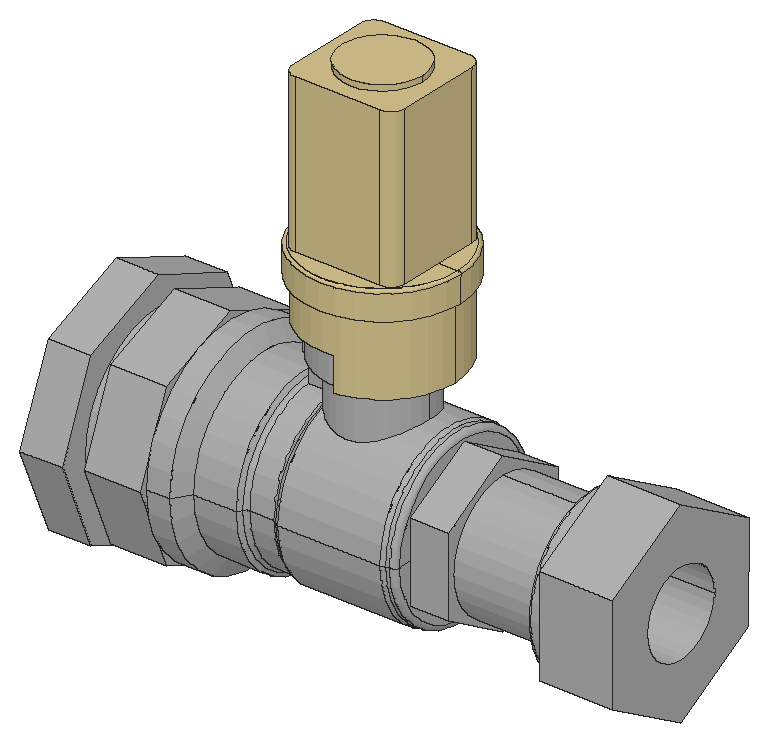
Revit family "QH15010000", category Apparecchi idraulici, Revit 2016
Family settings
  Tipo di parte = Normale
  Quota connettore circolare = Usa diametro
  Numero OmniClass = 23.45.00.00
  Titolo OmniClass = Sanitary, Laundry, and Cleaning Equipment
  Basato su piano di lavoro = No
  Sempre verticale = Sì
  Taglio con vuoti quando caricato = No
  Condiviso = No
  Punto di calcolo locali = No
Parameters
  URL = "https://web.cimberio.it/index.php/figura/985?subcategoria_id=43550"
  Produttore = "CIMBERIO SPA"
  Modello = "Cim 283/206"
  DN Model [instance] = QH15013139 : QH15013139
  DN [instance] = 15 mm
Reference planes
  plane 1 "Centro (Fronte/Retro)": y = 0
  plane 2: z = 0
  plane 3 "Centro (Sinistra/Destra)": x = 0
Dimensions and locks
  aligned and locked: level to plane 2
Nested families
  nested 1: "QH15013139" at (0, 0, 0), type <- "DN Model", type "QH15013139"
  nested 2: "QH15013139" at (0, 0, 0), type <- "DN Model", type "QH15013139"
  nested 3: "QH15013139" at (0, 0, 0), type <- "DN Model", type "QH15013139"
  nested 4: "QH15013139" at (0, 0, 0), type <- "DN Model", type "QH15013139"
  nested 5: "QH15013139" at (0, 0, 0), type <- "DN Model", type "QH15013139"
  nested 6: "QH15013139" at (0, 0, 0), type <- "DN Model", type "QH15013139"
  nested 7: "QH15013139" at (0, 0, 0), type <- "DN Model", type "QH15013139"
  nested 8: "QH15013139" at (0, 0, 0), type <- "DN Model", type "QH15013139"
  nested 9: "QH15013139" at (0, 0, 0), type <- "DN Model", type "QH15013139"
  nested 10: "QH15013139" at (0, 0, 0), type <- "DN Model", type "QH15013139"
  nested 11: "QH15013139" at (0, 0, 0), type <- "DN Model", type "QH15013139"
Connectors
  piping at (53.2, 0, 0), diameter 15, driven by "DN"
    settings: on nested 1, index 1, connector inside diameter 609.6 mm, connector length 0 mm, flow factor 0, pipe flow 0.0 L/s, pressure drop 0.0 Pa, fitting loss kfactor 0, connector angle 0.00°, fixture units 0, engagement length 0 mm, angle of deflection 0.00°, flow configuration 0, flow direction 0, fitting loss method 0, system type 7, joint type 0, gender type 0, connector reference index -1, connector utility 0, adjustable connector no, is connector primary yes, connector description ""
  piping at (-47.388, 0, 0), diameter 15, driven by "DN"
    settings: on nested 1, index 2, connector inside diameter 609.6 mm, connector length 0 mm, flow factor 0, pipe flow 0.0 L/s, pressure drop 0.0 Pa, fitting loss kfactor 0, connector angle 0.00°, fixture units 0, engagement length 0 mm, angle of deflection 0.00°, flow configuration 0, flow direction 0, fitting loss method 0, system type 7, joint type 0, gender type 0, connector reference index -1, connector utility 0, adjustable connector no, is connector primary no, connector description ""
Definition of nested family "QH15013139"
  Parameters (values of type "QH15013139")
    Model = "QD40403139"
    DN [instance] = "3/4\""
  Reference planes
    plane 1 "Centro (Fronte/Retro)": y = 0
    plane 2: z = 0
    plane 3 "Centro (Sinistra/Destra)": x = 0
  Forms (mm)
    Revolve 1, solid
      sketch origin (0, 0, 0) x (1, 0, 0) y (0, 0, 1)
        loop
          line (0.063, 27.3) -> (0.063, 11.623) -> (8.5, 11.623) -> (8.5, 21)
          arc (8.5, 21) -> (8.863, 21.294) -> (9, 21.742) r 0.8
          line (9, 21.742) -> (9, 27.3) -> (0.063, 27.3)
        axis (0.063, 11.623) -> (0.063, 27.3)
      angle from 0 to 360
    Revolve 2, solid
      sketch origin (0, 0, 0) x (1, 0, 0) y (0, 0, 1)
        loop
          line (0, 30.531) -> (-6.985, 30.531) -> (-6.985, 27.3) -> (0, 27.3) -> (0, 30.531)
        axis (0, 30.531) -> (0, 27.3)
      angle from 0 to 360
    Revolve 3, solid
      sketch origin (0, 0, 0) x (1, 0, 0) y (0, 0, 1)
        loop
          line (37.879, 11.1) -> (21.496, 11.1) -> (21.496, 7.5) -> (37.879, 7.5) -> (37.879, 11.1)
        axis (21.496, 0) -> (37.879, 0)
      angle from 0 to 360
    Revolve 4, solid
      sketch origin (10, 0, 0) x (1, 0, 0) y (0, 0, 1)
        loop
          arc (28.2, 14.75) -> (27.846, 14.604) -> (27.7, 14.25) r 0.5
          line (27.7, 14.25) -> (27.7, 7.5) -> (30.262, 7.5) -> (30.262, 14.75) -> (28.2, 14.75)
        axis (27.7, 0) -> (30.262, 0)
      angle from 0 to 360
    Extrusion 5, solid
      sketch origin (10, 0, 0) x (0, 1, 0) y (0, 0, 1)
        loop
          circle (0, 0) r 7.5
        loop
          line (0, 17.4) -> (-15.069, 8.7) -> (-15.069, -8.7) -> (0, -17.4) -> (15.069, -8.7) -> (15.069, 8.7) -> (0, 17.4)
      from 30.2 to 43.2
    Extrusion 6, solid
      sketch origin (0, 0, 0) x (1, 0, 0) y (0, 0, 1)
        loop
          line (-13, 26.395) -> (-13, 19.375) -> (-12, 18.798) -> (-12, 10.345) -> (-7.86, 10.345) -> (-7.86, 26.395) -> (-13, 26.395)
      from -1.5 to 1.5
    Revolve 7, solid
      sketch origin (0, 0, 0) x (1, 0, 0) y (0, 1, 0)
        loop
          line (-27, 7.5) -> (14.5, 7.5) -> (14.5, 14.25)
          arc (14.5, 14.25) -> (14.207, 14.957) -> (13.5, 15.25) r 1
          line (13.5, 15.25) -> (12.695, 15.25) -> (11.94, 15.5) -> (-6.215, 15.5) -> (-6.893, 15.108)
          arc (-6.893, 15.108) -> (-7.229, 14.844) -> (-7.646, 14.75) r 0.971
          line (-7.646, 14.75) -> (-11.943, 14.75)
          arc (-11.943, 14.75) -> (-12.437, 14.887) -> (-12.799, 15.25) r 1
          line (-12.799, 15.25) -> (-13.232, 16) -> (-21, 16) -> (-22.732, 19) -> (-27, 19) -> (-27, 7.5)
        axis (-27, 0) -> (14.5, 0)
      angle from 0 to 360
    Extrusion 8, solid
      sketch origin (0, 0, 0) x (0, 1, 0) y (0, 0, 1)
        loop
          circle (0, 0) r 7.5
        loop
          line (0, 14) -> (-12.124, 7) -> (-12.124, -7) -> (0, -14) -> (12.124, -7) -> (12.124, 7) -> (0, 14)
      from 14.5 to 21.496
    Extrusion 9, solid
      sketch origin (-11, 0, 0) x (0, 0, 1) y (0, 1, 0)
        loop
          circle (0, 0) r 7.5
        loop
          line (20.15, 0) -> (14.248, 14.248) -> (0, 20.15) -> (-14.248, 14.248) -> (-20.15, 0) -> (-14.248, -14.248) -> (0, -20.15) -> (14.248, -14.248) -> (20.15, 0)
      from 16 to 26
    Revolve 10, solid
      sketch origin (0, 0, 0) x (1, 0, 0) y (0, 0, 1)
        loop
          line (-39.888, 16.5) -> (-39.888, 7.5) -> (-37, 7.5) -> (-37, 16.5) -> (-39.888, 16.5)
        axis (-39.888, 0) -> (-37, 0)
      angle from 0 to 360
    Extrusion 11, solid
      sketch origin (-11, 0, 0) x (0, 0, 1) y (0, 1, 0)
        loop
          circle (0, 0) r 7.5
        loop
          line (21.5, 0) -> (15.203, 15.203) -> (0, 21.5) -> (-15.203, 15.203) -> (-21.5, 0) -> (-15.203, -15.203) -> (0, -21.5) -> (15.203, -15.203) -> (21.5, 0)
      from 28.888 to 36.388
    Revolve 12, solid
      sketch origin (0, 0, 0) x (1, 0, 0) y (0, 0, 1)
        loop
          arc (13.5, 40.8) -> (13.854, 40.654) -> (14, 40.3) r 0.5
          line (14, 40.3) -> (14, 35.835) -> (13, 35.8) -> (13, 22.8) -> (1.6, 22.8) -> (1.6, 28.8) -> (0, 28.8) -> (0, 40.8) -> (13.416, 40.8)
        axis (0, 40.8) -> (0, 22.8)
      angle from 0 to 360
    Extrusion 13, solid
      sketch origin (0, 0, 28.55) x (1, 0, 0) y (0, 1, 0)
        loop
          arc (-7.5, 10) -> (-9.268, 9.268) -> (-10, 7.5) r 2.5
          line (-10, 7.5) -> (-10, -7.5)
          arc (-10, -7.5) -> (-9.268, -9.268) -> (-7.5, -10) r 2.5
          line (-7.5, -10) -> (7.5, -10)
          arc (7.5, -10) -> (9.268, -9.268) -> (10, -7.5) r 2.5
          line (10, -7.5) -> (10, 7.5)
          arc (10, 7.5) -> (9.268, 9.268) -> (7.5, 10) r 2.5
          line (7.5, 10) -> (-7.5, 10)
      from 12.25 to 40.25
    Extrusion 14, solid
      sketch origin (0, 0, 28.55) x (1, 0, 0) y (0, 1, 0)
        loop
          circle (0, 0) r 7.145
      from 40.25 to 41.25
    Extrusion 15, void
      sketch origin (0, 0, 28.55) x (1, 0, 0) y (0, 1, 0)
        loop
          line (-10.479, 0) -> (-14.992, 0)
          arc (-14.992, 0) -> (-10.019, -11.346) -> (1.6, -15.642) r 15.841
          line (1.6, -15.642) -> (1.6, -11.053)
          arc (1.6, -11.053) -> (-7.004, -8.328) -> (-10.479, 0) r 10.722
      from -6.815 to 0.25
  Cuts and joins
    Extrusion 15 cuts Revolve 12
  Dimensions and locks
    aligned and locked: level to plane 2
